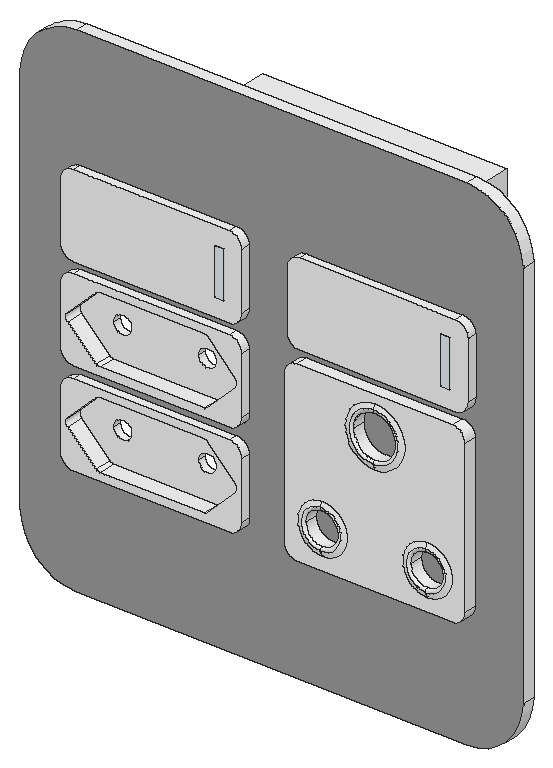
Revit family "EF_Veti-4x4-2-Two-Pin-With-1-Switching-1xSingle-Switching-Plug-Point", category Electrical Fixtures, Revit 2016
Family settings
  Maintain Annotation Orientation = No
  Part Type = Normal
  Round Connector Dimension = Use Diameter
  Work Plane-Based = No
  Always vertical = Yes
  Cut with Voids When Loaded = No
  Shared = No
  Room Calculation Point = No
Parameters (values of type "2 Two Pin With 1 Switching  1 x Single Switching Plug Point")
  Voltage_x = 220 V
  URL for TCP = "http://www.tcpbim.co.za"
  URL = "http://www.major-tech.com/15-veti"
  Type Comments = "Plug Points"
  Switch Voltage = Voltage_x  # 220 V
  Plug Point Height [instance] = 1200 mm
  Materials [instance] = 0 mm
  Manufacturer = "VETI"
  Made by = "Tolani Civil Projects cc"
  Load = 2860 VA
  Description = "4x4 2 Two Pin With 1 Switching - 1 x Single Switching Plug Point"
  Amperage = 16 A
Reference planes
  plane 1 "Center (Front/Back)": y = 0
  plane 2: z = 0
  plane 3 "Center (Left/Right)": x = 0
Forms (mm)
  Extrusion 1, solid, material "Plastic White"
    sketch origin (-181.105, 65, 0) x (1, 0, 0) y (0, 0, 1)
      loop
        arc (103.605, 1400) -> (87.695, 1393.41) -> (81.105, 1377.5) r 22.5
        line (81.105, 1377.5) -> (81.105, 1222.5)
        arc (81.105, 1222.5) -> (87.695, 1206.59) -> (103.605, 1200) r 22.5
        line (103.605, 1200) -> (258.605, 1200)
        arc (258.605, 1200) -> (274.515, 1206.59) -> (281.105, 1222.5) r 22.5
        line (281.105, 1222.5) -> (281.105, 1377.5)
        arc (281.105, 1377.5) -> (274.515, 1393.41) -> (258.605, 1400) r 22.5
        line (258.605, 1400) -> (103.605, 1400)
      loop
        line (167.067, 1315.407) -> (105.092, 1315.407)
        arc (105.092, 1315.407) -> (101.556, 1313.943) -> (100.092, 1310.407) r 5
        line (100.092, 1310.407) -> (100.092, 1287.631)
        arc (100.092, 1287.631) -> (101.556, 1284.096) -> (105.092, 1282.631) r 5
        line (105.092, 1282.631) -> (167.067, 1282.631)
        arc (167.067, 1282.631) -> (170.603, 1284.096) -> (172.067, 1287.631) r 5
        line (172.067, 1287.631) -> (172.067, 1310.407)
        arc (172.067, 1310.407) -> (170.603, 1313.943) -> (167.067, 1315.407) r 5
      loop
        line (105.092, 1245.206) -> (167.067, 1245.206)
        arc (167.067, 1245.206) -> (170.603, 1246.67) -> (172.067, 1250.206) r 5
        line (172.067, 1250.206) -> (172.067, 1272.982)
        arc (172.067, 1272.982) -> (170.603, 1276.517) -> (167.067, 1277.982) r 5
        line (167.067, 1277.982) -> (105.092, 1277.982)
        arc (105.092, 1277.982) -> (101.556, 1276.517) -> (100.092, 1272.982) r 5
        line (100.092, 1272.982) -> (100.092, 1250.206)
        arc (100.092, 1250.206) -> (101.556, 1246.67) -> (105.092, 1245.206) r 5
    from 65 to 70
  Extrusion 2, solid, material "Plastic White"
    sketch origin (-166.105, 0, 0) x (-1, 0, 0) y (0, 0, 1)
      loop
        line (-214.439, 1370) -> (-214.439, 1360) -> (-117.772, 1360) -> (-117.772, 1370) -> (-214.439, 1370)
    from 0 to 51.204
Cuts and joins
  joined: Extrusion 1, Extrusion 2
Dimensions and locks
  Extrusion 1 sketch curve to Extrusion 1 sketch curve = 200 mm
  Extrusion 2 sketch curve to Extrusion 2 sketch curve to Extrusion 1 = 10 mm, 30 mm
  Extrusion 2 sketch curve to Extrusion 2 sketch curve = 96.667 mm
  cut or joined group of Extrusion 1, Extrusion 2 to cut or joined group of Extrusion 1, Extrusion 2 = 200 mm
  cut or joined group of Extrusion 1, Extrusion 2 to cut or joined group of Extrusion 1, Extrusion 2 to cut or joined group of Extrusion 1, Extrusion 2 to cut or joined group of Extrusion 1, Extrusion 2 = 30 mm locked, 10 mm locked, 160 mm locked
  cut or joined group of Extrusion 1, Extrusion 2 to cut or joined group of Extrusion 1, Extrusion 2 to cut or joined group of Extrusion 1, Extrusion 2 = 51.204 mm locked, 5 mm locked
  cut or joined group of Extrusion 1, Extrusion 2 to cut or joined group of Extrusion 1, Extrusion 2 = 96.667 mm
  locked: cut or joined group of Extrusion 1, Extrusion 2 to plane 1 "Center (Front/Back)"
  plane 3 "Center (Left/Right)" to Extrusion 1 sketch curve = 100 mm
  locked: plane 3 "Center (Left/Right)" to cut or joined group of Extrusion 1, Extrusion 2 at 48.333
  cut or joined group of Extrusion 1, Extrusion 2 to nested 4 to nested 3 to nested 2 to nested 5 to nested 6 to nested 2 to cut or joined group of Extrusion 1, Extrusion 2 = 47.552 mm locked, 32.776 mm locked, 4.203 mm locked, 32.838 mm locked, 4.65 mm locked, 32.643 mm locked, 45.339 mm locked
  nested 6 to nested 3 to nested 5 to plane 3 "Center (Left/Right)" to nested 4 to nested 2 = 61.475 mm locked, 10.5 mm locked, 9.038 mm locked, 8.99 mm locked, 71.851 mm locked
  "Plug Point Height": cut or joined group of Extrusion 1, Extrusion 2 to level
  aligned and locked: level to plane 2
  aligned and locked: nested 1 to plane 1 "Center (Front/Back)"
  aligned and locked: cut or joined group of Extrusion 1, Extrusion 2 to nested 3
  aligned and locked: cut or joined group of Extrusion 1, Extrusion 2 to nested 4
  aligned and locked: cut or joined group of Extrusion 1, Extrusion 2 to nested 2
  aligned and locked: nested 5 to nested 3
  aligned and locked: nested 6 to nested 3
Automatic sketch dimensions
  Extrusion 1 sketch curve to plane 3 "Center (Left/Right)" = 77.5 mm
  plane 3 "Center (Left/Right)" to Extrusion 1 sketch curve = 77.5 mm  (x2)
  level to Extrusion 1 sketch curve = 1200 mm
  Extrusion 1 sketch curve to Extrusion 1 sketch curve = 22.5 mm  (x2)
  Extrusion 2 sketch curve to Extrusion 1 = 51.667 mm  (x2)
  Extrusion 1 sketch curve to plane 3 "Center (Left/Right)" = 76.013 mm  (x2)
  level to Extrusion 1 sketch curve = 1315.407 mm
  Extrusion 1 sketch curve to Extrusion 1 sketch curve = 5 mm  (x7)
  Extrusion 1 sketch curve to Extrusion 1 sketch curve = 22.776 mm
  Extrusion 1 sketch curve to plane 3 "Center (Left/Right)" = 14.038 mm
  level to Extrusion 1 sketch curve = 1245.206 mm
  Extrusion 1 sketch curve to Extrusion 1 sketch curve = 9.65 mm
  Extrusion 1 sketch curve to Extrusion 1 sketch curve = 0 mm  (x2)
Nested families
  nested 1: "Power Point Test 1" at (0, 0, 0) x (-1, 0, 0) z (0, 0, 1), type "Receptacle Symbol"
  nested 2: "Plug Plate" at (44.974, -5, 200.01), type "Plug Plate"
  nested 3: "Switch" at (-45.026, -5, 200.01), type "Switch"
  nested 4: "Switch" at (44.978, -5, 200.01), type "Switch"
  nested 5: "2 Pin PLUG" at (-45.026, 1.486, 162.969), type "2 Pin PLUG"
  nested 6: "2 Pin PLUG" at (-45.026, 1.486, 125.543), type "2 Pin PLUG"
Connectors
  electrical at (0, 25.602, 1370), driven by "Voltage_x", driven by "Load"
    settings: on cut or joined group of Extrusion 1, Extrusion 2, index 2, voltage 220 V, apparent load 0 VA, apparent load phase1 2860 VA, apparent load phase2 0 VA, apparent load phase3 0 VA, power factor 1, load classification "Other", number of poles 1, system type 31, power factor state 1, is connector primary yes, connector utility no, sub classification motor no, connector description ""
  electrical at (0, 25.602, 1370), driven by "Voltage_x", driven by "Load"
    settings: on cut or joined group of Extrusion 1, Extrusion 2, index 3, voltage 220 V, apparent load 0 VA, apparent load phase1 2860 VA, apparent load phase2 0 VA, apparent load phase3 0 VA, power factor 1, load classification "Other", number of poles 1, system type 31, power factor state 1, is connector primary no, connector utility no, sub classification motor no, connector description ""
  electrical at (0, 25.602, 1370), driven by "Voltage_x", driven by "Load"
    settings: on cut or joined group of Extrusion 1, Extrusion 2, index 4, voltage 220 V, apparent load 0 VA, apparent load phase1 2860 VA, apparent load phase2 0 VA, apparent load phase3 0 VA, power factor 1, load classification "Other", number of poles 1, system type 31, power factor state 1, is connector primary no, connector utility no, sub classification motor no, connector description ""
Definition of nested family "Plug Plate"
  Reference planes
    plane 1 "Center (Front/Back)": y = 0
    plane 2: z = 0
    plane 3 "Center (Left/Right)": x = 0
    plane 4: x = 0
    plane 5: z = 1100.459
    plane 6: x = 20.867
    plane 7: x = -20.897
    plane 8: z = 1060.329
    plane 9: x = -35.867
    plane 10: x = 35.867
    plane 11 "Left": x = -20.897
    plane 12 "Right": x = 20.867
    plane 13: z = 1060.329
    plane 14: z = 1100.459
  Forms (mm)
    Extrusion 1, solid
      sketch origin (38.868, 0, -0.675) x (1, 0, 0) y (0, 0, 1)
        loop
          arc (-69.734, 1116.134) -> (-73.27, 1114.67) -> (-74.734, 1111.134) r 5
          line (-74.734, 1111.134) -> (-74.734, 1051.004)
          arc (-74.734, 1051.004) -> (-73.27, 1047.468) -> (-69.734, 1046.004) r 5
          line (-69.734, 1046.004) -> (-8.001, 1046.004)
          arc (-8.001, 1046.004) -> (-4.465, 1047.468) -> (-3.001, 1051.004) r 5
          line (-3.001, 1051.004) -> (-3.001, 1111.134)
          arc (-3.001, 1111.134) -> (-4.465, 1114.67) -> (-8.001, 1116.134) r 5
          line (-8.001, 1116.134) -> (-69.734, 1116.134)
        loop
          circle (-38.868, 1101.134) r 8.5
        loop
          circle (-59.764, 1061.004) r 6.5
        loop
          circle (-18.001, 1061.004) r 6.5
      from 5 to 0
    Revolve 2, solid
      sketch origin (-20.897, 0, 0) x (0, 0, -1) y (0, -1, 0)
        loop
          line (-1068.072, 5.593) -> (-1070.253, 4.968) -> (-1066.828, 4.968)
          arc (-1066.828, 4.968) -> (-1067.328, 5.524) -> (-1068.072, 5.593) r 1.027
        axis (-1060.329, 5.593) -> (-1060.329, 4.593)
      angle from 0 to 360
    Revolve 3, solid
      sketch origin (20.867, 0, 0) x (0, 0, -1) y (0, -1, 0)
        loop
          line (-1068.072, 5.593) -> (-1070.253, 4.968) -> (-1066.828, 4.968)
          arc (-1066.828, 4.968) -> (-1067.328, 5.524) -> (-1068.072, 5.593) r 1.027
        axis (-1060.329, 5.593) -> (-1060.329, 4.593)
      angle from 0 to 360
    Revolve 4, solid
      sketch origin (0, 0, 40.13) x (0, 0, -1) y (0, -1, 0)
        loop
          line (-1070.06, 5.593) -> (-1072.241, 4.968) -> (-1068.816, 4.968)
          arc (-1068.816, 4.968) -> (-1069.316, 5.524) -> (-1070.06, 5.593) r 1.027
        axis (-1060.329, 5.593) -> (-1060.329, 4.593)
      angle from 0 to 360
  Cuts and joins
    joined: Extrusion 1, Revolve 2, Revolve 3, Revolve 4
  Dimensions and locks
    aligned and locked: plane 2 to level
Definition of nested family "Switch"
  Reference planes
    plane 1 "Center (Front/Back)": y = 0
    plane 2: z = 0
    plane 3 "Center (Left/Right)": x = 0
  Forms (mm)
    Extrusion 1, solid
      sketch origin (-1.754, 2.672, -0.197) x (1, 0, 0) y (0, 0, 1)
        loop
          arc (-29.234, 1152.636) -> (-32.77, 1151.171) -> (-34.234, 1147.636) r 5
          line (-34.234, 1147.636) -> (-34.234, 1124.86)
          arc (-34.234, 1124.86) -> (-32.77, 1121.324) -> (-29.234, 1119.86) r 5
          line (-29.234, 1119.86) -> (32.741, 1119.86)
          arc (32.741, 1119.86) -> (36.277, 1121.324) -> (37.741, 1124.86) r 5
          line (37.741, 1124.86) -> (37.741, 1147.636)
          arc (37.741, 1147.636) -> (36.277, 1151.171) -> (32.741, 1152.636) r 5
          line (32.741, 1152.636) -> (-29.234, 1152.636)
      from 6.186 to 2.672
    Extrusion 2, solid
      sketch origin (0, 0, 0) x (1, 0, 0) y (0, 0, 1)
        loop
          line (28.988, 1145.439) -> (25.488, 1145.439) -> (25.488, 1126.663) -> (28.988, 1126.663) -> (28.988, 1145.439)
      from 0 to 3.974
  Dimensions and locks
    aligned and locked: plane 2 to level
    aligned and locked: Extrusion 1 to plane 1 "Center (Front/Back)"
Definition of nested family "2 Pin PLUG"
  Reference planes
    plane 1 "Center (Front/Back)": y = 0
    plane 2: z = 0
    plane 3 "Center (Left/Right)": x = 0
  Forms (mm)
    Extrusion 1, solid
      sketch origin (-1.754, 2.672, -0.197) x (1, 0, 0) y (0, 0, 1)
        loop
          arc (-29.234, 1152.636) -> (-32.77, 1151.171) -> (-34.234, 1147.636) r 5
          line (-34.234, 1147.636) -> (-34.234, 1124.86)
          arc (-34.234, 1124.86) -> (-32.77, 1121.324) -> (-29.234, 1119.86) r 5
          line (-29.234, 1119.86) -> (32.741, 1119.86)
          arc (32.741, 1119.86) -> (36.277, 1121.324) -> (37.741, 1124.86) r 5
          line (37.741, 1124.86) -> (37.741, 1147.636)
          arc (37.741, 1147.636) -> (36.277, 1151.171) -> (32.741, 1152.636) r 5
          line (32.741, 1152.636) -> (-29.234, 1152.636)
      from 12.672 to 2.672
    Extrusion 2, void
      sketch origin (-1.754, -10, -0.197) x (-1, 0, 0) y (0, 0, 1)
        loop
          line (18.92, 1149.635) -> (-22.428, 1149.635)
          arc (-22.428, 1149.635) -> (-23.283, 1149.465) -> (-24.008, 1148.981) r 2.235
          line (-24.008, 1148.981) -> (-35.163, 1137.826)
          arc (-35.163, 1137.826) -> (-35.817, 1136.248) -> (-35.163, 1134.669) r 2.232
          line (-35.163, 1134.669) -> (-23.998, 1123.504)
          arc (-23.998, 1123.504) -> (-23.284, 1123.027) -> (-22.442, 1122.86) r 2.2
          line (-22.442, 1122.86) -> (18.935, 1122.86)
          arc (18.935, 1122.86) -> (19.777, 1123.027) -> (20.491, 1123.504) r 2.2
          line (20.491, 1123.504) -> (31.656, 1134.669)
          arc (31.656, 1134.669) -> (32.309, 1136.248) -> (31.656, 1137.826) r 2.232
          line (31.656, 1137.826) -> (20.501, 1148.981)
          arc (20.501, 1148.981) -> (19.776, 1149.465) -> (18.92, 1149.635) r 2.235
      from 0 to 6.946
    Extrusion 3, void
      sketch origin (-1.754, -10, -0.197) x (-1, 0, 0) y (0, 0, 1)
        loop
          circle (15.086, 1136.248) r 3.601
        loop
          circle (-18.593, 1136.248) r 3.601
      from 6.946 to 10
  Cuts and joins
    Extrusion 2, Extrusion 3 cuts Extrusion 1
  Dimensions and locks
    aligned and locked: plane 2 to level
    aligned and locked: Extrusion 1 to plane 1 "Center (Front/Back)"
    aligned and locked: Extrusion 3 to Extrusion 2
    aligned and locked: Extrusion 3 to plane 1 "Center (Front/Back)"
Definition of nested family "Power Point Test 1"
  Parameters
    Plug Point Height = 1200 mm
  Reference planes
    plane 1: y = 0
    plane 2: x = 0
  Lines and regions (mm)
    Filled region 1, type "Filled region 1"
      outline origin (0, 0, 0) x (1, 0, 0) y (0, 1, 0)
        loop
          arc (1.505, 0.736) -> (1.065, 1.797) -> (0.005, 2.236) r 1.5
          line (0.005, 2.236) -> (0.005, 0.736) -> (1.505, 0.736)
    detail lines
      curve 1: line (-0.442, -0.034, 0) -> (-0.442, 0.736, 0)
      curve 2: arc (1.505, 0.736, 0) -> (0.005, 2.236, 0) -> (-1.495, 0.736, 0) r 1.5
      curve 3: line (0.451, -0.034, 0) -> (0.451, 0.736, 0)
      curve 4: line (-1.495, 0.736, 0) -> (1.505, 0.736, 0)
      curve 5: line (0.005, 2.236, 0) -> (0.005, 0.736, 0)
      curve 6: line (-1.056, 1.797, 0) -> (-2.476, 3.217, 0)
      curve 7: line (-2.122, 2.863, 0) -> (-1.419, 3.566, 0)
      curve 8: line (-1.743, 2.484, 0) -> (-1.04, 3.186, 0)
      curve 9: line (-2.476, 3.217, 0) -> (-1.773, 3.919, 0)
  Text (mm)
    label "A" at (-0.392, 3.565, 0), shows "Plug Point Height"
    text "T" at (-0.841, 1.93, 0)
    text "Two Switching" at (4.047, 2.711, 0)
  Dimensions and locks
    curve 1 to curve 3 = 0.893 mm
